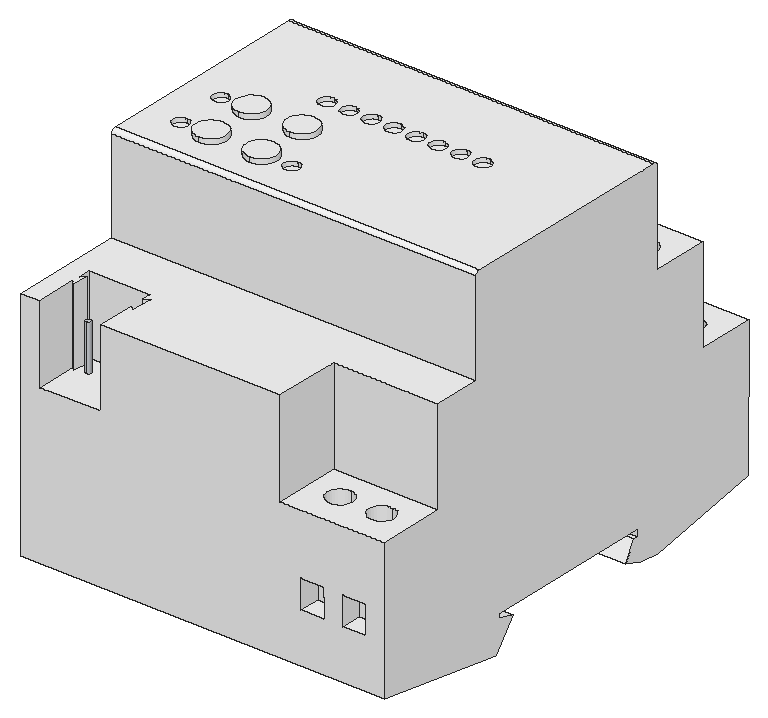
Revit family "Gira_211400", category Electrical Fixtures, host Face, Revit 2017
Family settings
  Host = Face
  Maintain Annotation Orientation = No
  Round Connector Dimension = Use Diameter
  Part Type = Normal
  Cut with Voids When Loaded = No
  Shared = No
  Room Calculation Point = No
Parameters (values of type "Heat.act. Basic 6-g KNX DRA")
  With switch function = no
  Ventilschutzfunktion = no
  URL = "https://www.gira.de/"
  Type Comments = ""
  Suitable for C-load = no
  Rated current [Ampere] = 0
  Output voltage [Volt] = ""
  Output current [Ampere] = ""
  Number of outputs = 0
  Number of inputs = 0
  Number of binary inputs = 0
  Model = ""
  Max. number of venetian-blind outputs = 0
  Max. number of switching contacts = 0
  Manufacturer = "Gira"
  Handschaltung = no
  Local operation/hand operation = no
  Keynote = ""
  HeinzeBIM = "https://www.heinze.de/bim/heat-act-basic-6-g-knx-dra/a8b0bfac80ab459d18165d86efc775a7bda54a18"
  HAN = "211400"
  GTIN = "4010337018414"
  Description = "Heat.act.Basic 6g DRA KNX KNX heating actuator Basic, 6-gang,DRA plus Features: - Heating actuator for switching electrothermic servos for heating or cooling ceilings. - Control using 1-bit or 1-byte corrected variable telegrams. - For 1-byte correcting variables, the outputs are controlled by pulse width modulation (PWM). - Servos with the characteristic de-energised open\" or \"de-energised closed\" can be controlled. - Servos can be activated with rated voltage 24 V or 230 V. - Overload protected, short-circuit protected. - Standard protection. - Feedback via bus e.g. for overload and short circuit. - Switching the heating circuit pump (standard functions). - Passive group feedback of the closed servos.,Notes : - Valves with the same operating voltage must be connected at all outputs. - VDE approval in accordance with EN 60669-1, EN 60669-2-1. - Installation on DIN top-hat rail.\""
  Default Elevation = 1219.2 mm
  Cost = 0
  Stellgröße schaltend = yes
  Stellgröße stetig = no
  Bus connection included = no
  BIMSITE_PRODUCT_ID = "a8b0bfac80ab459d18165d86efc775a7bda54a18"
  BIM = "https://media.live.bim.site/t/eyJhbGciOiJIUzI1NiIsInR5cCI6IkpXVCJ9.eyJjdCI6MSwidGYiOiJwdWJsaWMvZ2lyYS8wOWY1ZGI1L1JFRyA4Zi5yZmEiLCJjaWQiOiJmZWQ5OGU5YS0xYmQ4LTRjNjgtYTczYi03NGE5NGUzMTU4MjMiLCJyaWQiOiJjMDMyMGIzMjk1YWIzZDIxNGQ0MDJiMWVhNTRjZWQ2OCIsInBpZCI6ImE4YjBiZmFjODBhYjQ1OWQxODE2NWQ4NmVmYzc3NWE3YmRhNTRhMTgiLCJzaWQiOiI2MzQ3MCIsInV0Ijo1LCJsYyI6ImVuIiwiaWF0IjoxNjA3NDMyMTU3LCJpc3MiOiJodHRwczovL2FwaS5saXZlLmJpbS5zaXRlIiwic3ViIjoiOGQzYWE1Y2ItZTA2Ni00NTk4LWJlMTYtNmUxNmVlNzQ5NTZhIn0._mu7sy_qvYfEBGGOwX5wy0PPlNZnhDn0M7IdqzEmM2s/REG 8f.rfa"
  Assembly Code = ""
Reference planes
  plane 1 "Center (Front/Back)": y = 0
  plane 2: z = 0
  plane 3 "Center (Left/Right)": x = 0
Forms (mm)
  Extrusion 1, solid, material "White", detail levels fine
    sketch origin (0, 0, 0) x (0, 1, 0) y (0, 0, 1)
      loop
        line (45.125, -2.619) -> (45.125, 24.95) -> (33.875, 24.95) -> (33.875, 43.8) -> (22.575, 43.8) -> (22.575, 62.05)
        arc (22.575, 62.05) -> (22.311, 62.686) -> (21.675, 62.95) r 0.9
        line (21.675, 62.95) -> (-21.175, 62.95)
        arc (-21.175, 62.95) -> (-21.785, 62.758) -> (-22.175, 62.25) r 1.064
        line (-22.175, 62.25) -> (-22.175, 43.8) -> (-44.725, 43.8) -> (-44.725, -2.619)
        arc (-44.725, -2.619) -> (-31.081, -5.433) -> (-17.243, -7.049) r 160
        line (-17.243, -7.049) -> (-13.165, -1.734) -> (-16.399, -0.807) -> (-16.399, 0) -> (17.8, 0) -> (17.8, -1.4) -> (16.8, -1.4) -> (14.749, -4.952)
        arc (14.749, -4.952) -> (18.64, -6.184) -> (22.7, -6.6) r 20
        arc (22.7, -6.6) -> (33.983, -5.009) -> (45.125, -2.619) r 160
    from -36 to 36
  Extrusion 2, void, detail levels fine
    sketch origin (0, 0, 0) x (1, 0, 0) y (0, 1, 0)
      loop
        circle (30, 26.925) r 2.55
      loop
        circle (21.75, 26.925) r 2.55
      loop
        circle (12.75, 26.925) r 2.55
      loop
        circle (4.5, 26.925) r 2.55
      loop
        circle (-4.5, 26.925) r 2.55
      loop
        circle (-12.75, 26.925) r 2.55
      loop
        circle (-21.75, 26.925) r 2.55
      loop
        circle (-30, 26.925) r 2.55
    from 37.936 to 43.8
  Extrusion 3, void, detail levels fine
    sketch origin (0, 11.25, -18.85) x (1, 0, 0) y (0, 1, 0)
      loop
        circle (30, 26.925) r 2.55
      loop
        circle (21.75, 26.925) r 2.55
      loop
        circle (12.75, 26.925) r 2.55
      loop
        circle (4.5, 26.925) r 2.55
      loop
        circle (-4.5, 26.925) r 2.55
      loop
        circle (-12.75, 26.925) r 2.55
      loop
        circle (-21.75, 26.925) r 2.55
      loop
        circle (-30, 26.925) r 2.55
    from 37.936 to 43.8
  Extrusion 4, void, detail levels fine
    sketch origin (0, 0, 0) x (1, 0, 0) y (0, 1, 0)
      loop
        circle (-13, -3.875) r 3
      loop
        circle (-23, -3.875) r 3
      loop
        circle (-23, -13.875) r 3
      loop
        circle (-13, -13.875) r 3
      loop
        circle (-29, -3.875) r 1.575
      loop
        circle (-29, -13.875) r 1.575
      loop
        circle (-7, -13.875) r 1.575
      loop
        circle (-15.4, 5.325) r 1.625
      loop
        circle (-11, 5.325) r 1.575
      loop
        circle (-6.6, 5.325) r 1.625
      loop
        circle (-2.2, 5.325) r 1.625
      loop
        circle (2.2, 5.325) r 1.625
      loop
        circle (6.6, 5.325) r 1.625
      loop
        circle (11, 5.325) r 1.575
      loop
        circle (15.4, 5.325) r 1.625
    from 58.253 to 62.95
  Extrusion 5, void, detail levels fine
    sketch origin (0, 0, 0) x (1, 0, 0) y (0, 1, 0)
      loop
        line (-32.175, -32.6) -> (-32.175, -34.9) -> (-31.24, -34.36) -> (-31.401, -37.165) -> (-32.175, -36.7) -> (-32.175, -44.875) -> (-20.175, -44.875) -> (-20.175, -37.33) -> (-19.075, -37.965) -> (-19.075, -33.635) -> (-20.175, -34.27) -> (-20.175, -32.6) -> (-32.175, -32.6)
    from 28.5 to 43.8
  Extrusion 6, solid, detail levels fine
    sketch origin (0, 0, 0) x (1, 0, 0) y (0, 1, 0)
      loop
        circle (-29.375, -36.2) r 0.5
      loop
        circle (-23.575, -36.2) r 0.5
    from 28.5 to 37.5
  Extrusion 7, void, detail levels fine
    sketch origin (0, 0, 0) x (1, 0, 0) y (0, 1, 0)
      loop
        line (15.289, -31.489) -> (15.289, -44.875) -> (36, -44.875) -> (36, -31.489) -> (15.289, -31.489)
    from 25 to 43.8
  Extrusion 8, void, detail levels fine
    sketch origin (0, 0, 0) x (1, 0, 0) y (0, 1, 0)
      loop
        circle (21.75, -37.925) r 2.55
      loop
        circle (30, -37.925) r 2.55
    from 19.086 to 24.95
  Extrusion 9, void, detail levels fine
    sketch origin (0, 0, 0) x (1, 0, 0) y (0, 0, 1)
      loop
        line (32.368, 26.75) -> (32.35, 28.865) -> (32.319, 32.45) -> (27.731, 32.45) -> (27.682, 26.75) -> (32.368, 26.75)
      loop
        line (24.118, 26.75) -> (24.1, 28.865) -> (24.069, 32.45) -> (19.481, 32.45) -> (19.432, 26.75) -> (24.118, 26.75)
      loop
        line (15.118, 26.75) -> (15.1, 28.865) -> (15.069, 32.45) -> (10.481, 32.45) -> (10.432, 26.75) -> (15.118, 26.75)
      loop
        line (6.868, 26.75) -> (6.85, 28.865) -> (6.819, 32.45) -> (2.231, 32.45) -> (2.182, 26.75) -> (6.868, 26.75)
      loop
        line (-2.182, 26.75) -> (-2.2, 28.865) -> (-2.231, 32.45) -> (-6.819, 32.45) -> (-6.868, 26.75) -> (-2.182, 26.75)
      loop
        line (-10.432, 26.75) -> (-10.45, 28.865) -> (-10.481, 32.45) -> (-15.069, 32.45) -> (-15.118, 26.75) -> (-10.432, 26.75)
      loop
        line (-19.35, 26.75) -> (-19.369, 28.865) -> (-19.4, 32.45) -> (-23.987, 32.45) -> (-24.037, 26.75) -> (-19.35, 26.75)
      loop
        line (-27.682, 26.75) -> (-27.7, 28.865) -> (-27.731, 32.45) -> (-32.319, 32.45) -> (-32.368, 26.75) -> (-27.682, 26.75)
    from -29.206 to -33.875
  Extrusion 10, void, detail levels fine
    sketch origin (0, 11.25, -19.567) x (1, 0, 0) y (0, 0, 1)
      loop
        line (32.368, 26.75) -> (32.35, 28.865) -> (32.319, 32.45) -> (27.731, 32.45) -> (27.682, 26.75) -> (32.368, 26.75)
      loop
        line (24.118, 26.75) -> (24.1, 28.865) -> (24.069, 32.45) -> (19.481, 32.45) -> (19.432, 26.75) -> (24.118, 26.75)
      loop
        line (15.118, 26.75) -> (15.1, 28.865) -> (15.069, 32.45) -> (10.481, 32.45) -> (10.432, 26.75) -> (15.118, 26.75)
      loop
        line (6.868, 26.75) -> (6.85, 28.865) -> (6.819, 32.45) -> (2.231, 32.45) -> (2.182, 26.75) -> (6.868, 26.75)
      loop
        line (-2.182, 26.75) -> (-2.2, 28.865) -> (-2.231, 32.45) -> (-6.819, 32.45) -> (-6.868, 26.75) -> (-2.182, 26.75)
      loop
        line (-10.432, 26.75) -> (-10.45, 28.865) -> (-10.481, 32.45) -> (-15.069, 32.45) -> (-15.118, 26.75) -> (-10.432, 26.75)
      loop
        line (-19.35, 26.75) -> (-19.369, 28.865) -> (-19.4, 32.45) -> (-23.987, 32.45) -> (-24.037, 26.75) -> (-19.35, 26.75)
      loop
        line (-27.682, 26.75) -> (-27.7, 28.865) -> (-27.731, 32.45) -> (-32.319, 32.45) -> (-32.368, 26.75) -> (-27.682, 26.75)
    from -29.206 to -33.875
  Extrusion 11, void, detail levels fine
    sketch origin (0, 0, 0) x (1, 0, 0) y (0, 0, 1)
      loop
        line (32.319, 12.883) -> (27.731, 12.883) -> (27.682, 7.183) -> (32.368, 7.183) -> (32.35, 9.298) -> (32.319, 12.883)
      loop
        line (24.069, 12.883) -> (19.481, 12.883) -> (19.432, 7.183) -> (24.118, 7.183) -> (24.1, 9.298) -> (24.069, 12.883)
    from 40.588 to 44.725
  Extrusion 12, solid, material "White", detail levels fine
    sketch origin (0, 0, 0) x (1, 0, 0) y (0, 1, 0)
      loop
        circle (-15.4, 5.325) r 1.625
      loop
        circle (-11, 5.325) r 1.575
      loop
        circle (-6.6, 5.325) r 1.625
      loop
        circle (-2.2, 5.325) r 1.625
      loop
        circle (2.2, 5.325) r 1.625
      loop
        circle (6.6, 5.325) r 1.625
      loop
        circle (11, 5.325) r 1.575
      loop
        circle (15.4, 5.325) r 1.625
      loop
        circle (-29, -3.875) r 1.575
      loop
        circle (-29, -13.875) r 1.575
      loop
        circle (-7, -13.875) r 1.575
    from 58.253 to 62.25
  Extrusion 13, solid, material "White", detail levels fine
    sketch origin (0, 0, 0) x (1, 0, 0) y (0, 1, 0)
      loop
        circle (-23, -3.875) r 3
      loop
        circle (-13, -3.875) r 3
      loop
        circle (-23, -13.875) r 3
      loop
        circle (-13, -13.875) r 3
    from 58.253 to 63.841
  Extrusion 14, solid, material "White", detail levels medium
    sketch origin (0, 0, 0) x (0, 1, 0) y (0, 0, 1)
      loop
        line (45.125, -7.049) -> (45.125, 24.95) -> (33.875, 24.95) -> (33.875, 43.8) -> (22.575, 43.8) -> (22.575, 63.841) -> (-22.175, 63.841) -> (-22.175, 43.8) -> (-44.725, 43.8) -> (-44.725, -7.049) -> (45.125, -7.049)
    from -36 to 36
  Extrusion 15, solid, material "White", detail levels coarse
    sketch origin (0, 0, 0) x (0, 1, 0) y (0, 0, 1)
      loop
        line (45.125, -7.049) -> (45.125, 63.841) -> (-44.725, 63.841) -> (-44.725, -7.049) -> (45.125, -7.049)
    from -36 to 36
Cuts and joins
  Extrusion 2, Extrusion 3, Extrusion 4, Extrusion 5, Extrusion 7, Extrusion 8, Extrusion 9, Extrusion 10, Extrusion 11 cuts Extrusion 1
Dimensions and locks
  aligned and locked: plane 2 to host face
  aligned and locked: level to host face
